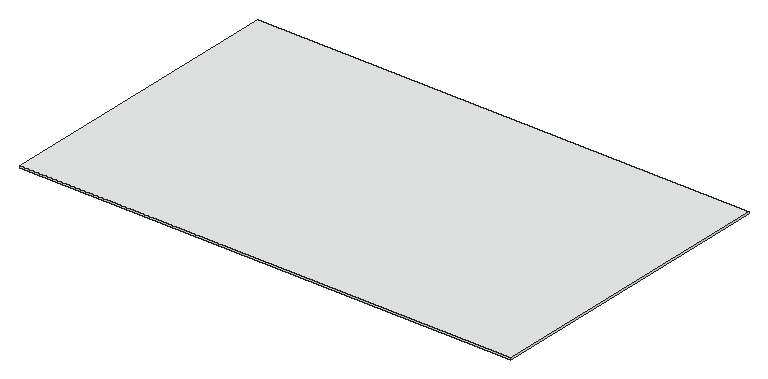
Revit family "FallProtection_Skylight_Kattsafe_Flat", category Specialty Equipment, Revit 2025
Family settings
  Round Connector Dimension = Use Diameter
  Part Type = Normal
  OmniClass Number = 23.27.71.21
  Work Plane-Based = Yes
  Enable Cutting in Views = No
  Always vertical = No
  Cut with Voids When Loaded = No
  Maintain Annotation Orientation = No
  Shared = No
  Room Calculation Point = No
Parameters (values of type "2060l x 1250w (SP392.2000)")
  Uniclass2015Version = "Products v1.23"
  Uniclass2015Title = "Shutters and grilles"
  Uniclass2015Code = "Pr_30_59_84"
  URL = "https://kattsafe.com.au/"
  Type IFC Predefined Type = "USERDEFINED"
  Type Comments = "Flat Skylight Protector - 2060(L) x 1250(W)"
  SafetyDisclaimer [instance] = "WARNING! The correct placement of access, fall protection and facade maintenance systems is critical to ensure it is fit-for-purpose and safe for the operator to use. Did you know Kattsafe® have a dedicated team of Height Safety System Design Specialists? Kattsafe® provide one-on-one consultation and system design assistance to ensure you are meeting the stringent requirements of height safety and to give you PEACE OF MIND with your project."  # constant formula
  ModifiedIssue = 20240430
  Model = "SP392.2000"
  Material = Aluminum_Kattsafe_Mesh_Protex
  ManufacturerURLProductSpecific = "https://kattsafe.com.au/products/skylight-protectors/Flat-skylight-mesh-sp391"
  ManufacturerSpecCode = Model  # "SP392.2000"
  ManufacturerOverallWidth = 1250 mm
  ManufacturerOverallLength = 2060 mm
  ManufacturerOverallHeight = 7 mm  # constant formula
  ManufacturerHeightFromFFL [instance] = 0 mm
  Manufacturer = "Kattsafe®"  # constant formula
  IfcExportType = "USERDEFINED"
  IfcExportAs = "IfcBuildingElementProxy"
  Export Type to IFC As = "IfcBuildingElementProxy"
  ElementType = "Fall Protection"
  Description = "Skylight protectors provide fall hazard protection for brittle skylights and roof surfaces without compromising light penetration. Available in multiple configurations and sizes, Kattsafe skylight protectors work well with all types of roof lights, skylights and brittle roof structures."  # constant formula
  Default Elevation = 1219.2 mm
  CreatedByURL = "https://igsgroup.com.au"
  CreatedBy = "IGS BIM Solutions"  # constant formula
  Assembly Code = "E1090100"
Types (3, lengths in mm): name | Type Comments | Model | ManufacturerSpecCode | ManufacturerOverallWidth | ManufacturerOverallLength
  2060l x 835w (SP391.2000) | "Flat Skylight Protector - 2060(L) x 835(W)" | "SP391.2000" | "SP391.2000" | 835 | 2060
  2060l x 1250w (SP392.2000) | "Flat Skylight Protector - 2060(L) x 1250(W)" | "SP392.2000" | "SP392.2000" | 1250 | 2060
  3080l x 1250w (SP392.3000) | "Flat Skylight Protector - 3080(L) x 1250(W)" | "SP392.3000" | "SP392.3000" | 1250 | 3080
Reference planes
  plane 1 "Center (Front/Back)": y = -915
  plane 2 "BottomReference": z = 0
  plane 3 "Center (Left/Right)": x = 0
  plane 4 "Left": x = -1030
  plane 5 "Right": x = 1030
  plane 6 "Back": y = -290
  plane 7 "Front": y = -1540
  plane 8 "Bottom": z = 0
  plane 9 "Center (Elevation)": z = 3.5
  plane 10 "Top": z = 7
Forms (mm)
  Extrusion 1, solid, material "Aluminum_Kattsafe_Mesh_Protex" <- "Material"
    sketch origin (0, 0, 0) x (1, 0, 0) y (0, 1, 0)
      loop
        line (-1030, -290) -> (-1030, -1540) -> (1030, -1540) -> (1030, -290) -> (-1030, -290)
    from 0 to 7
Text (mm)
  text "Disclaimer:\nDue to ongoing product development and manufacturing \nevolution, product details are subject to change without \nnotice. Please refer to product technical data sheets on \nthe manufacturers website for the most current product \ninformation. Please allow a +/- 5mm manufacturing \ntolerance for dimensions and set-outs shown in product \nliterature." at (1592.109, -632.31, 0), in view "Ref. Level"
Dimensions and locks
  "ManufacturerOverallHeight": plane 10 "Top" to plane 8 "Bottom"
  equal spacing: plane 10 "Top", plane 9 "Center (Elevation)", plane 8 "Bottom"
  "ManufacturerHeightFromFFL": plane 8 "Bottom" to plane 2 "BottomReference"
  "ManufacturerOverallLength": plane 4 "Left" to plane 5 "Right"
  equal spacing: plane 4 "Left", plane 3 "Center (Left/Right)", plane 5 "Right"
  "ManufacturerOverallWidth": plane 7 "Front" to plane 6 "Back"
  equal spacing: plane 7 "Front", plane 1 "Center (Front/Back)", plane 6 "Back"
  aligned and locked: Extrusion 1 sketch curve to plane 5 "Right"
  aligned and locked: Extrusion 1 sketch curve to plane 6 "Back"
  aligned and locked: plane 4 "Left" to Extrusion 1 sketch curve
  aligned and locked: Extrusion 1 sketch curve to plane 7 "Front"
  aligned and locked: plane 10 "Top" to Extrusion 1
  aligned and locked: Extrusion 1 to plane 8 "Bottom"
